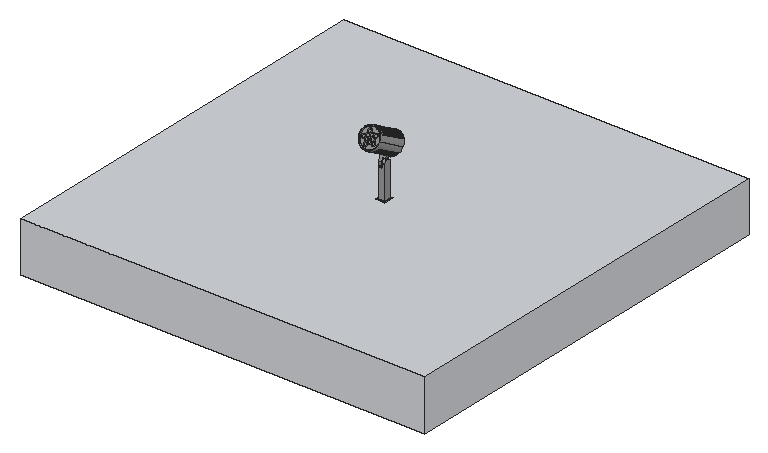
Revit family "LAMP_MINI SHOT BRACKET G2", category Modelos genéricos, Revit 2015
Parameters (values of type "1146LM 3000 SPOT GR")
  Weight = 2.792 kg
  Type = "HI POWER NICHIA"
  Tilting [instance] = 30.00°
  Protection rating = "IP65 / IK06"
  Product datasheet = "http://www.lamp.es/product-files/TECH/MN2BR15SP830NG-EN.pdf"
  Product code = "MN2BR15SP830NG"
  Product URL = "http://www.lamp.es/en/family/shot_33486"
  Power Supply = "220-240V 50/60Hz"
  Power = 10 W
  Plum = 13.2 W
  Photometric web file = Cabeza MiniShot : 1146LM 3000 SPOT
  Modelo = Product code  # "MN2BR15SP830NG"
  Model explanation = "Availability of tilting between -30º and 90º when placed in a project."
  Material cuerpo = LAMP_Aluminio Shot
  Material cabeza = LAMP_Aluminio Shot
  Manufacturer name = "LAMP"
  Manufacturer country = "Spain"
  Manufacturer URL = "http://www.lamp.es/en"
  MacAdam = "3"
  Luminaire type = "Outdoor - Spotlight"
  Last update = "11/04/2019"
  Lamp = "HIGH POWER LED"
  LED Lifetime = "60.000 L90 B10"
  Insulation class = "II"
  Installation instructions = "http://www.lamp.es/product-files/INS/1003120-C-INSTR.%20MICRO%20SHOT.pdf"
  Initial intensity = 1146 lm
  Initial color = 3000 K
  IEE = "A+"
  Height = 360 mm
  Gear = "Electronic"
  Finish = "Texturised grey"
  Fabricante = Manufacturer name  # "LAMP"
  Default Elevation = 1219.2 mm
  Efficacy = 86.8 lm/W
  Descripción = "MINI SHOT G2 BR 1500 WW SP GR."
  Comentarios de tipo = Model explanation  # "Availability of tilting between -30º and 90º when placed in a project."
  CRI = "80"
  Angulo inclinacion [instance] = if(Tilting > 90.00°, 270.00°, if(Tilting < -30.00°, 150.00°, Tilting + 180.00°))  # 210.00°
Types (24, lengths in mm): name | Weight | Product datasheet | Product code | Power | Plum | Photometric web file | Modelo | Material cuerpo | Material cabeza | Initial intensity | Initial color | Finish | Efficacy | Descripción
  1097LM 3000 MEDIUM FLOOD ANT | 2.792 kg | "http://www.lamp.es/product-files/TECH/MN2BR15MF830NA-EN.pdf" | "MN2BR15MF830NA" | 10 W | 13.2 W | Cabeza MiniShot : 1097LM 3000 MEDIUM FLOOD | "MN2BR15MF830NA" | LAMP_Aluminio Shot Antracita | LAMP_Aluminio Shot Antracita | 1097 lm | 3000 K | "Textured anthracite grey" | 83.1 lm/W | "MINI SHOT G2 BR 1500 WW MFL ANT."
  1097LM 3000 MEDIUM FLOOD GR | 2.792 kg | "http://www.lamp.es/product-files/TECH/MN2BR15MF830NG-EN.pdf" | "MN2BR15MF830NG" | 10 W | 13.2 W | Cabeza MiniShot : 1097LM 3000 MEDIUM FLOOD | "MN2BR15MF830NG" | LAMP_Aluminio Shot | LAMP_Aluminio Shot | 1097 lm | 3000 K | "Texturised grey" | 83.1 lm/W | "MINI SHOT G2 BR 1500 WW MFL GR."
  1097LM 4000 MEDIUM FLOOD ANT | 2.792 kg | "http://www.lamp.es/product-files/TECH/MN2BR15MF840NA-EN.pdf" | "MN2BR15MF840NA" | 10 W | 13.2 W | Cabeza MiniShot : 1097LM 4000 MEDIUM FLOOD | "MN2BR15MF840NA" | LAMP_Aluminio Shot Antracita | LAMP_Aluminio Shot Antracita | 1097 lm | 4000 K | "Textured anthracite grey" | 83.1 lm/W | "MINI SHOT G2 BR 1500 NW MFL ANT."
  1097LM 4000 MEDIUM FLOOD GR | 2.792 kg | "http://www.lamp.es/product-files/TECH/MN2BR15MF840NG-EN.pdf" | "MN2BR15MF840NG" | 10 W | 13.2 W | Cabeza MiniShot : 1097LM 4000 MEDIUM FLOOD | "MN2BR15MF840NG" | LAMP_Aluminio Shot | LAMP_Aluminio Shot | 1097 lm | 4000 K | "Texturised grey" | 83.1 lm/W | "MINI SHOT G2 BR 1500 NW MFL GR."
  1146LM 3000 SPOT ANT | 2.792 kg | "http://www.lamp.es/product-files/TECH/MN2BR15SP830NA-EN.pdf" | "MN2BR15SP830NA" | 10 W | 13.2 W | Cabeza MiniShot : 1146LM 3000 SPOT | "MN2BR15SP830NA" | LAMP_Aluminio Shot Antracita | LAMP_Aluminio Shot Antracita | 1146 lm | 3000 K | "Textured anthracite grey" | 86.8 lm/W | "MINI SHOT G2 BR 1500 WW SP ANT."
  1146LM 3000 SPOT GR | 2.792 kg | "http://www.lamp.es/product-files/TECH/MN2BR15SP830NG-EN.pdf" | "MN2BR15SP830NG" | 10 W | 13.2 W | Cabeza MiniShot : 1146LM 3000 SPOT | "MN2BR15SP830NG" | LAMP_Aluminio Shot | LAMP_Aluminio Shot | 1146 lm | 3000 K | "Texturised grey" | 86.8 lm/W | "MINI SHOT G2 BR 1500 WW SP GR."
  1146LM 4000 SPOT ANT | 2.792 kg | "http://www.lamp.es/product-files/TECH/MN2BR15SP840NA-EN.pdf" | "MN2BR15SP840NA" | 10 W | 13.2 W | Cabeza MiniShot : 1146LM 4000 SPOT | "MN2BR15SP840NA" | LAMP_Aluminio Shot Antracita | LAMP_Aluminio Shot Antracita | 1146 lm | 4000 K | "Textured anthracite grey" | 86.8 lm/W | "MINI SHOT G2 BR 1500 NW SP ANT."
  1146LM 4000 SPOT GR | 2.792 kg | "http://www.lamp.es/product-files/TECH/MN2BR15SP840NG-EN.pdf" | "MN2BR15SP840NG" | 10 W | 13.2 W | Cabeza MiniShot : 1146LM 4000 SPOT | "MN2BR15SP840NG" | LAMP_Aluminio Shot | LAMP_Aluminio Shot | 1146 lm | 4000 K | "Texturised grey" | 86.8 lm/W | "MINI SHOT G2 BR 1500 NW SP GR."
  2155LM 3000 MEDIUM FLOOD ANT | 2.816 kg | "http://www.lamp.es/product-files/TECH/MN2BR30MF830NA-EN.pdf" | "MN2BR30MF830NA" | 20 W | 23 W | Cabeza MiniShot : 2155LM 3000 MEDIUM FLOOD | "MN2BR30MF830NA" | LAMP_Aluminio Shot Antracita | LAMP_Aluminio Shot Antracita | 2155 lm | 3000 K | "Textured anthracite grey" | 93.7 lm/W | "MINI SHOT G2 BR 2900 WW MFL ANT."
  2155LM 3000 MEDIUM FLOOD GR | 2.816 kg | "http://www.lamp.es/product-files/TECH/MN2BR30MF830NG-EN.pdf" | "MN2BR30MF830NG" | 20 W | 23 W | Cabeza MiniShot : 2155LM 3000 MEDIUM FLOOD | "MN2BR30MF830NG" | LAMP_Aluminio Shot | LAMP_Aluminio Shot | 2155 lm | 3000 K | "Texturised grey" | 93.7 lm/W | "MINI SHOT G2 BR 2900 WW MFL GR."
  2155LM 4000 MEDIUM FLOOD ANT | 2.816 kg | "http://www.lamp.es/product-files/TECH/MN2BR30MF840NA-EN.pdf" | "MN2BR30MF840NA" | 20 W | 23 W | Cabeza MiniShot : 2155LM 4000 MEDIUM FLOOD | "MN2BR30MF840NA" | LAMP_Aluminio Shot Antracita | LAMP_Aluminio Shot Antracita | 2155 lm | 4000 K | "Textured anthracite grey" | 93.7 lm/W | "MINI SHOT G2 BR 2900 NW MFL ANT."
  2155LM 4000 MEDIUM FLOOD GR | 2.816 kg | "http://www.lamp.es/product-files/TECH/MN2BR30MF840NG-EN.pdf" | "MN2BR30MF840NG" | 20 W | 23 W | Cabeza MiniShot : 2155LM 4000 MEDIUM FLOOD | "MN2BR30MF840NG" | LAMP_Aluminio Shot | LAMP_Aluminio Shot | 2155 lm | 4000 K | "Texturised grey" | 93.7 lm/W | "MINI SHOT G2 BR 2900 NW MFL GR."
  2215LM 3000 SPOT ANT | 2.816 kg | "http://www.lamp.es/product-files/TECH/MN2BR30SP830NA-EN.pdf" | "MN2BR30SP830NA" | 20 W | 23 W | Cabeza MiniShot : 2215LM 3000 SPOT | "MN2BR30SP830NA" | LAMP_Aluminio Shot Antracita | LAMP_Aluminio Shot Antracita | 2215 lm | 3000 K | "Textured anthracite grey" | 96.3 lm/W | "MINI SHOT G2 BR 2900 WW SP ANT."
  2215LM 3000 SPOT GR | 2.816 kg | "http://www.lamp.es/product-files/TECH/MN2BR30SP830NG-EN.pdf" | "MN2BR30SP830NG" | 20 W | 23 W | Cabeza MiniShot : 2215LM 3000 SPOT | "MN2BR30SP830NG" | LAMP_Aluminio Shot | LAMP_Aluminio Shot | 2215 lm | 3000 K | "Texturised grey" | 96.3 lm/W | "MINI SHOT G2 BR 2900 WW SP GR."
  2215LM 4000 SPOT ANT | 2.816 kg | "http://www.lamp.es/product-files/TECH/MN2BR30SP840NA-EN.pdf" | "MN2BR30SP840NA" | 20 W | 23 W | Cabeza MiniShot : 2215LM 4000 SPOT | "MN2BR30SP840NA" | LAMP_Aluminio Shot Antracita | LAMP_Aluminio Shot Antracita | 2215 lm | 4000 K | "Textured anthracite grey" | 96.3 lm/W | "MINI SHOT G2 BR 2900 NW SP ANT."
  2215LM 4000 SPOT GR | 2.816 kg | "http://www.lamp.es/product-files/TECH/MN2BR30SP840NG-EN.pdf" | "MN2BR30SP840NG" | 20 W | 23 W | Cabeza MiniShot : 2215LM 4000 SPOT | "MN2BR30SP840NG" | LAMP_Aluminio Shot | LAMP_Aluminio Shot | 2215 lm | 4000 K | "Texturised grey" | 96.3 lm/W | "MINI SHOT G2 BR 2900 NW SP GR."
  2937LM 3000 MEDIUM FLOOD ANT | 2.816 kg | "http://www.lamp.es/product-files/TECH/MN2BR40MF830NA-EN.pdf" | "MN2BR40MF830NA" | 30 W | 33.5 W | Cabeza MiniShot : 2937LM 3000 MEDIUM FLOOD | "MN2BR40MF830NA" | LAMP_Aluminio Shot Antracita | LAMP_Aluminio Shot Antracita | 2937 lm | 3000 K | "Textured anthracite grey" | 87.7 lm/W | "MINI SHOT G2 BR 3800 WW MFL ANT."
  2937LM 3000 MEDIUM FLOOD GR | 2.816 kg | "http://www.lamp.es/product-files/TECH/MN2BR40MF830NG-EN.pdf" | "MN2BR40MF830NG" | 30 W | 33.5 W | Cabeza MiniShot : 2937LM 3000 MEDIUM FLOOD | "MN2BR40MF830NG" | LAMP_Aluminio Shot | LAMP_Aluminio Shot | 2937 lm | 3000 K | "Texturised grey" | 87.7 lm/W | "MINI SHOT G2 BR 3800 WW MFL GR."
  2937LM 4000 MEDIUM FLOOD ANT | 2.816 kg | "http://www.lamp.es/product-files/TECH/MN2BR40MF840NA-EN.pdf" | "MN2BR40MF840NA" | 30 W | 33.5 W | Cabeza MiniShot : 2937LM 4000 MEDIUM FLOOD | "MN2BR40MF840NA" | LAMP_Aluminio Shot Antracita | LAMP_Aluminio Shot Antracita | 2937 lm | 4000 K | "Textured anthracite grey" | 87.7 lm/W | "MINI SHOT G2 BR 3800 NW MFL ANT."
  2937LM 4000 MEDIUM FLOOD GR | 2.816 kg | "http://www.lamp.es/product-files/TECH/MN2BR40MF840NG-EN.pdf" | "MN2BR40MF840NG" | 30 W | 33.5 W | Cabeza MiniShot : 2937LM 4000 MEDIUM FLOOD | "MN2BR40MF840NG" | LAMP_Aluminio Shot | LAMP_Aluminio Shot | 2937 lm | 4000 K | "Texturised grey" | 87.7 lm/W | "MINI SHOT G2 BR 3800 NW MFL GR."
  3032LM 3000 SPOT ANT | 2.816 kg | "http://www.lamp.es/product-files/TECH/MN2BR40SP830NA-EN.pdf" | "MN2BR40SP830NA" | 30 W | 33.5 W | Cabeza MiniShot : 3032LM 3000 SPOT | "MN2BR40SP830NA" | LAMP_Aluminio Shot Antracita | LAMP_Aluminio Shot Antracita | 3032 lm | 3000 K | "Textured anthracite grey" | 90.5 lm/W | "MINI SHOT G2 BR 3800 WW SP ANT."
  3032LM 3000 SPOT GR | 2.816 kg | "http://www.lamp.es/product-files/TECH/MN2BR40SP830NG-EN.pdf" | "MN2BR40SP830NG" | 30 W | 33.5 W | Cabeza MiniShot : 3032LM 3000 SPOT | "MN2BR40SP830NG" | LAMP_Aluminio Shot | LAMP_Aluminio Shot | 3032 lm | 3000 K | "Texturised grey" | 90.5 lm/W | "MINI SHOT G2 BR 3800 WW SP GR."
  3032LM 4000 SPOT ANT | 2.816 kg | "http://www.lamp.es/product-files/TECH/MN2BR40SP840NA-EN.pdf" | "MN2BR40SP840NA" | 30 W | 33.5 W | Cabeza MiniShot : 3032LM 4000 SPOT | "MN2BR40SP840NA" | LAMP_Aluminio Shot Antracita | LAMP_Aluminio Shot Antracita | 3032 lm | 4000 K | "Textured anthracite grey" | 90.5 lm/W | "MINI SHOT G2 BR 3800 NW SP ANT."
  3032LM 4000 SPOT GR | 2.816 kg | "http://www.lamp.es/product-files/TECH/MN2BR40SP840NG-EN.pdf" | "MN2BR40SP840NG" | 30 W | 33.5 W | Cabeza MiniShot : 3032LM 4000 SPOT | "MN2BR40SP840NG" | LAMP_Aluminio Shot | LAMP_Aluminio Shot | 3032 lm | 4000 K | "Texturised grey" | 90.5 lm/W | "MINI SHOT G2 BR 3800 NW SP GR."
Reference planes
  plane 1 "Centro (Frontal/Posterior)": y = 0
  plane 2: z = 0
  plane 3 "Centro (Izquierda/Derecha)": x = 0
  plane 4: z = 196.942
Forms (mm)
  Extrusion 1, solid
    sketch origin (0, 0, 0) x (1, 0, 0) y (0, 1, 0)
      loop
        line (-1219.2, 1219.2) -> (-1219.2, -1219.2) -> (1219.2, -1219.2) -> (1219.2, 1219.2) -> (-1219.2, 1219.2)
    from 0 to -304.8
  Extrusion 2, solid, material "LAMP_Aluminio Shot" <- "Material cuerpo"
    sketch origin (0, 0, 72.292) x (0, 1, 0) y (0, 0, 1)
      loop
        line (19.7, -69.292) -> (19.7, 124.7)
        arc (19.7, 124.7) -> (0, 144.4) -> (-19.7, 124.7) r 19.7
        line (-19.7, 124.7) -> (-19.7, -69.292) -> (19.7, -69.292)
    from -20 to 20
  Extrusion 3, void
    sketch origin (0, 0, 72.292) x (0, 1, 0) y (0, 0, 1)
      loop
        circle (0, 124.65) r 17
      loop
        circle (0, 124.65) r 6
      loop
        circle (0, 124.65) r 2.75
    from 3.917 to 16.658
  Extrusion 4, void
    sketch origin (0, 0, 72.292) x (0, 1, 0) y (0, 0, 1)
      loop
        line (19.7, 110.2) -> (19.7, 149.384) -> (-19.7, 149.384) -> (-19.7, 99.532) -> (2.12, 102.019)
        arc (2.12, 102.019) -> (10.771, 104.559) -> (17.707, 110.319) r 22.281
        arc (17.707, 110.319) -> (18.76, 111.198) -> (19.7, 110.2) r 1
      loop
        circle (0, 124.65) r 6
      loop
        circle (0, 124.65) r 2.75
    from -20 to 3.917
  Extrusion 5, solid, material "LAMP_Aluminio Shot" <- "Material cuerpo"
    sketch origin (0, 0, 0) x (1, 0, 0) y (0, 0, 1)
      loop
        line (0, 0) -> (28, 0) -> (28, 3) -> (0, 3) -> (-28, 3) -> (-28, 0) -> (0, 0)
    from -28 to 28
Cuts and joins
  Extrusion 3, Extrusion 4 cuts Extrusion 2
Lines and regions (mm)
  reference lines
    curve 1: line (0, 0, 196.942) -> (0, 87.5, 348.496)
Text (mm)
  text "Any modification of the parameters and properties of the LAMP BIM models must be executed and validated by the LAMP technical department.\n\nPhone: +34 93 736 68 00\n\nE-mail: lamp@lamp.es\n\n\n\nLAMP reserves the right to modify the technical specifications of its products." at (12865.574, 20906.654, -10056.835), in view "Preview"
Dimensions and locks
  "Angulo inclinacion": angle plane 1 "Centro (Frontal/Posterior)" to curve 1
  aligned and locked: plane 2 to Extrusion 1
  aligned and locked: level to Extrusion 1
  aligned and locked: plane 1 "Centro (Frontal/Posterior)" to curve 1
  aligned and locked: plane 4 to curve 1
Automatic sketch dimensions
  Extrusion 1 sketch curve to Extrusion 1 sketch curve = 2438.4 mm  (x2)
  Extrusion 2 sketch curve to plane 1 "Centro (Frontal/Posterior)" = 0 mm
  plane 4 to Extrusion 2 sketch curve = 0.05 mm
  plane 1 "Centro (Frontal/Posterior)" to Extrusion 2 sketch curve = 19.7 mm
  level to Extrusion 2 sketch curve = 3 mm
  Extrusion 3 sketch curve to Extrusion 3 sketch curve = 0 mm  (x6)
  Extrusion 3 sketch curve to plane 1 "Centro (Frontal/Posterior)" = 0 mm
  Extrusion 3 sketch curve to plane 4 = 0 mm
  Extrusion 4 sketch curve to Extrusion 4 sketch curve = 0 mm  (x12)
  Extrusion 4 sketch curve to plane 4 = 0 mm
  Extrusion 4 sketch curve to plane 1 "Centro (Frontal/Posterior)" = 0 mm
  plane 1 "Centro (Frontal/Posterior)" to Extrusion 4 sketch curve = 19.7 mm
  Extrusion 4 sketch curve to plane 1 "Centro (Frontal/Posterior)" = 0.298 mm
  Extrusion 4 sketch curve to plane 1 "Centro (Frontal/Posterior)" = 2.12 mm
  Extrusion 4 sketch curve to Extrusion 4 sketch curve = 16.58 mm
  Extrusion 4 sketch curve to Extrusion 4 sketch curve = 1 mm
  Extrusion 4 sketch curve to plane 4 = 0.425 mm
  Extrusion 4 sketch curve to plane 4 = 14.45 mm
  Extrusion 4 sketch curve to Extrusion 4 sketch curve = 8.181 mm
  Extrusion 4 sketch curve to Extrusion 4 sketch curve = 2.486 mm
  plane 4 to Extrusion 4 sketch curve = 24.734 mm
  plane 1 "Centro (Frontal/Posterior)" to Extrusion 4 sketch curve = 2.75 mm
  Extrusion 4 sketch curve to Extrusion 4 sketch curve = 3.25 mm
  Extrusion 5 sketch curve to level = 0 mm
  Extrusion 5 sketch curve to plane 3 "Centro (Izquierda/Derecha)" = 0 mm  (x2)
  Extrusion 5 sketch curve to Extrusion 5 sketch curve = 28 mm
  plane 3 "Centro (Izquierda/Derecha)" to Extrusion 5 sketch curve = 28 mm
  Extrusion 5 sketch curve to Extrusion 5 sketch curve = 3 mm
  radius of Extrusion 3 sketch curve = 17 mm
  radius of Extrusion 3 sketch curve = 6 mm
  radius of Extrusion 3 sketch curve = 2.75 mm
Nested families
  nested 1: "Cabeza MiniShot" at (-2.6, -1336.187, 1083.398) x (-1, 0, 0) z (0, 0.866, -0.5), type <- "Photometric web file", type "1146LM 3000 SPOT"
Connectors
  electrical at (-2.6, 63.83, 275.098)
    settings: on nested 1, index 1, voltage 230 V, apparent load 0 VA, apparent load phase1 0 VA, apparent load phase2 0 VA, apparent load phase3 0 VA, power factor 1, load classification "Otro", number of poles 1, system type 31, power factor state 1, is connector primary yes, connector utility no, sub classification motor no, connector description ""
Definition of nested family "Cabeza MiniShot"
  Parameters (values of type "1097LM 3000 MEDIUM FLOOD")
    Tilt Angle = 90.00°
    Wattage = 13.2 W
    built-in parameter 1150110 = 1 (stored number, unit not read)
    Material serigrafiado = none
    Material cristal = none
    Material cabeza = none
    built-in parameter 1114217 = 1 (stored number, unit not read)
    built-in parameter 1150109 = 1 (stored number, unit not read)
    Default Elevation = 1219.2 mm
    Dist. luz = 20 mm
    built-in parameter 1150134 = (empty or 0)
    built-in parameter 1150113 = 1 (stored number, unit not read)
    Lumens = 1096.92 lm
    built-in parameter 1150115 = 1 (stored number, unit not read)
    built-in parameter 1150105 = 87.29 (stored number, unit not read)
    built-in parameter 1150137 = (empty or 0)
    built-in parameter 1150139 = (empty or 0)
    built-in parameter 1150112 = 1 (stored number, unit not read)
    built-in parameter 1150114 = 1 (stored number, unit not read)
    built-in parameter 1150132 = 2
    built-in parameter 1150102 = (empty or 0)
    built-in parameter 1150138 = (empty or 0)
    built-in parameter 1150107 = 3000 (stored number, unit not read)
    built-in parameter 1150106 = 0.8729 (stored number, unit not read)
    built-in parameter 1150104 = 7.7202 (stored number, unit not read)
    Dimming Lamp Color Temperature Shift = (empty or 0)
    Color Filter = 16777215
    built-in parameter 1114218 = 1 (stored number, unit not read)
    Photometric Web File = "MN215MF830NA.IES"
    built-in parameter 1150133 = 10 (stored number, unit not read)
  Types (13, lengths in mm): name | Wattage | built-in parameter 1150134 | Lumens | built-in parameter 1150105 | built-in parameter 1150107 | built-in parameter 1150106 | built-in parameter 1150104 | Photometric Web File
    (no name) | 13.2 W | (empty or 0) | 1096.92 lm | 87.29 (stored number, unit not read) | 3000 (stored number, unit not read) | 0.8729 (stored number, unit not read) | 7.7202 (stored number, unit not read) | "MN215MF830NA.IES"
    1097LM 3000 MEDIUM FLOOD | 13.2 W | (empty or 0) | 1096.92 lm | 87.29 (stored number, unit not read) | 3000 (stored number, unit not read) | 0.8729 (stored number, unit not read) | 7.7202 (stored number, unit not read) | "MN215MF830NA.IES"
    1097LM 4000 MEDIUM FLOOD | 13.2 W | 12 | 1096.92 lm | 87.29 (stored number, unit not read) | 4000 (stored number, unit not read) | 0.8729 (stored number, unit not read) | 7.7202 (stored number, unit not read) | "MN215MF840NA.IES"
    1146LM 3000 SPOT | 13.2 W | (empty or 0) | 1145.76 lm | 5756.4 (stored number, unit not read) | 3000 (stored number, unit not read) | 57.564 (stored number, unit not read) | 8.064 (stored number, unit not read) | "MN215SP830NA.IES"
    1146LM 4000 SPOT | 13.2 W | 12 | 1145.76 lm | 5756.4 (stored number, unit not read) | 4000 (stored number, unit not read) | 57.564 (stored number, unit not read) | 8.064 (stored number, unit not read) | "MN215SP840NA.IES"
    2155LM 3000 MEDIUM FLOOD | 23 W | (empty or 0) | 2155.1 lm | 32086.6 (stored number, unit not read) | 3000 (stored number, unit not read) | 320.87 (stored number, unit not read) | 8.705 (stored number, unit not read) | "MN230MF830NA.IES"
    2155LM 4000 MEDIUM FLOOD | 23 W | 12 | 2155.1 lm | 32086.6 (stored number, unit not read) | 4000 (stored number, unit not read) | 320.87 (stored number, unit not read) | 8.705 (stored number, unit not read) | "MN230MF840NA.IES"
    2215LM 3000 SPOT | 23 W | (empty or 0) | 2214.9 lm | 34023.2 (stored number, unit not read) | 3000 (stored number, unit not read) | 340.23 (stored number, unit not read) | 8.9466 (stored number, unit not read) | "MN230SP830NA.IES"
    2215LM 4000 SPOT | 23 W | 12 | 2214.9 lm | 34023.2 (stored number, unit not read) | 4000 (stored number, unit not read) | 340.23 (stored number, unit not read) | 8.9466 (stored number, unit not read) | "MN230SP840NA.IES"
    2937LM 3000 MEDIUM FLOOD | 33.5 W | (empty or 0) | 2937.95 lm | 14727.3 (stored number, unit not read) | 3000 (stored number, unit not read) | 147.27 (stored number, unit not read) | 8.1476 (stored number, unit not read) | "MN240MF830NA.IES"
    2937LM 4000 MEDIUM FLOOD | 33.5 W | 12 | 2937.95 lm | 14727.3 (stored number, unit not read) | 4000 (stored number, unit not read) | 147.27 (stored number, unit not read) | 8.1476 (stored number, unit not read) | "MN240MF840NA.IES"
    3032LM 3000 SPOT | 33.5 W | (empty or 0) | 3031.75 lm | 15197.5 (stored number, unit not read) | 3000 (stored number, unit not read) | 151.98 (stored number, unit not read) | 8.4077 (stored number, unit not read) | "MN240SP830NA.IES"
    3032LM 4000 SPOT | 33.5 W | 12 | 3031.75 lm | 15197.5 (stored number, unit not read) | 4000 (stored number, unit not read) | 151.98 (stored number, unit not read) | 8.4077 (stored number, unit not read) | "MN240SP840NA.IES"
  Reference planes
    plane 1 "Eje de origen de luz (F/P)": y = 0
    plane 2: z = 0
    plane 3 "Eje de origen de luz (I/D)": x = 0
    plane 4 "Elevación de origen de luz": z = 1400
    plane 5: z = 1420
  Forms (mm)
    Revolve 1, solid, material <- "Material cabeza"
      sketch origin (0, 0, 0) x (1, 0, 0) y (0, 0, 1)
        loop
          line (63.5, 1420) -> (63.5, 1620) -> (0, 1620) -> (0, 1429) -> (58.5, 1429) -> (58.5, 1420) -> (63.5, 1420)
        axis (0, 1620) -> (0, 1420)
      angle from 0 to 360
    Extrusion 2, void
      sketch origin (0, 0, 1400) x (0, -1, 0) y (1, 0, 0)
        loop
          arc (34.823, -53.1) -> (37.913, -50.94) -> (40.869, -48.6) r 63.5
          line (40.869, -48.6) -> (-40.869, -48.6)
          arc (-40.869, -48.6) -> (-37.913, -50.94) -> (-34.823, -53.1) r 63.5
          line (-34.823, -53.1) -> (34.823, -53.1)
        loop
          arc (43.775, -46) -> (45.974, -43.802) -> (48.062, -41.5) r 63.5
          line (48.062, -41.5) -> (-48.062, -41.5)
          arc (-48.062, -41.5) -> (-45.974, -43.802) -> (-43.775, -46) r 63.5
          line (-43.775, -46) -> (43.775, -46)
        loop
          arc (50.19, -38.9) -> (51.831, -36.685) -> (53.375, -34.4) r 63.5
          line (53.375, -34.4) -> (-53.375, -34.4)
          arc (-53.375, -34.4) -> (-51.831, -36.685) -> (-50.19, -38.9) r 63.5
          line (-50.19, -38.9) -> (50.19, -38.9)
        loop
          arc (54.964, -31.8) -> (56.219, -29.525) -> (57.38, -27.2) r 63.5
          line (57.38, -27.2) -> (-57.38, -27.2)
          arc (-57.38, -27.2) -> (-56.219, -29.525) -> (-54.964, -31.8) r 63.5
          line (-54.964, -31.8) -> (54.964, -31.8)
        loop
          line (60.268, -20) -> (-60.268, -20)
          arc (-60.268, -20) -> (-59.449, -22.317) -> (-58.541, -24.6) r 63.5
          line (-58.541, -24.6) -> (58.541, -24.6)
          arc (58.541, -24.6) -> (59.449, -22.317) -> (60.268, -20) r 63.5
        loop
          line (8.35, -17.4) -> (61.07, -17.4)
          arc (61.07, -17.4) -> (61.676, -15.111) -> (62.197, -12.8) r 63.5
          line (62.197, -12.8) -> (14.445, -12.8)
          arc (14.445, -12.8) -> (11.627, -15.404) -> (8.35, -17.4) r 19.3
        loop
          arc (18.47, -5.6) -> (17.578, -7.969) -> (16.384, -10.2) r 19.3
          line (16.384, -10.2) -> (62.675, -10.2)
          arc (62.675, -10.2) -> (63.006, -7.905) -> (63.253, -5.6) r 63.5
          line (63.253, -5.6) -> (18.47, -5.6)
        loop
          line (19.162, -2.3) -> (63.458, -2.3)
          arc (63.458, -2.3) -> (63.5, 0) -> (63.458, 2.3) r 63.5
          line (63.458, 2.3) -> (19.162, 2.3)
          arc (19.162, 2.3) -> (19.3, 0) -> (19.162, -2.3) r 19.3
        loop
          line (34.823, 53.1) -> (-34.823, 53.1)
          arc (-34.823, 53.1) -> (-37.913, 50.94) -> (-40.869, 48.6) r 63.5
          line (-40.869, 48.6) -> (40.869, 48.6)
          arc (40.869, 48.6) -> (37.913, 50.94) -> (34.823, 53.1) r 63.5
        loop
          line (43.775, 46) -> (-43.775, 46)
          arc (-43.775, 46) -> (-45.974, 43.802) -> (-48.062, 41.5) r 63.5
          line (-48.062, 41.5) -> (48.062, 41.5)
          arc (48.062, 41.5) -> (45.974, 43.802) -> (43.775, 46) r 63.5
        loop
          line (50.19, 38.9) -> (-50.19, 38.9)
          arc (-50.19, 38.9) -> (-51.831, 36.685) -> (-53.375, 34.4) r 63.5
          line (-53.375, 34.4) -> (53.375, 34.4)
          arc (53.375, 34.4) -> (51.831, 36.685) -> (50.19, 38.9) r 63.5
        loop
          line (54.964, 31.8) -> (-54.964, 31.8)
          arc (-54.964, 31.8) -> (-56.219, 29.525) -> (-57.38, 27.2) r 63.5
          line (-57.38, 27.2) -> (57.38, 27.2)
          arc (57.38, 27.2) -> (56.219, 29.525) -> (54.964, 31.8) r 63.5
        loop
          arc (60.268, 20) -> (59.449, 22.317) -> (58.541, 24.6) r 63.5
          line (58.541, 24.6) -> (-58.541, 24.6)
          arc (-58.541, 24.6) -> (-59.449, 22.317) -> (-60.268, 20) r 63.5
          line (-60.268, 20) -> (60.268, 20)
        loop
          arc (8.35, 17.4) -> (11.627, 15.404) -> (14.445, 12.8) r 19.3
          line (14.445, 12.8) -> (62.197, 12.8)
          arc (62.197, 12.8) -> (61.676, 15.111) -> (61.07, 17.4) r 63.5
          line (61.07, 17.4) -> (8.35, 17.4)
        loop
          line (18.47, 5.6) -> (63.253, 5.6)
          arc (63.253, 5.6) -> (63.006, 7.905) -> (62.675, 10.2) r 63.5
          line (62.675, 10.2) -> (16.384, 10.2)
          arc (16.384, 10.2) -> (17.578, 7.969) -> (18.47, 5.6) r 19.3
        loop
          arc (-8.35, -17.4) -> (-19.3, 0) -> (-8.35, 17.4) r 19.3
          line (-8.35, 17.4) -> (-61.07, 17.4)
          arc (-61.07, 17.4) -> (-61.676, 15.111) -> (-62.197, 12.8) r 63.5
          arc (-62.197, 12.8) -> (-63.456, -2.368) -> (-61.07, -17.4) r 63.5
          line (-61.07, -17.4) -> (-8.35, -17.4)
        loop
          circle (0, 0) r 5.25
      from 216.6 to 220
    Extrusion 3, void
      sketch origin (0, 0, 1400) x (0, -1, 0) y (1, 0, 0)
        loop
          line (-34.823, -53.1) -> (-26.823, -53.1)
          arc (-26.823, -53.1) -> (-30.649, -50.988) -> (-34.309, -48.6) r 59.49
          line (-34.309, -48.6) -> (-40.869, -48.6)
          arc (-40.869, -48.6) -> (-37.913, -50.94) -> (-34.823, -53.1) r 63.5
        loop
          line (-43.775, -46) -> (-37.724, -46)
          arc (-37.724, -46) -> (-40.237, -43.819) -> (-42.624, -41.5) r 59.49
          line (-42.624, -41.5) -> (-48.062, -41.5)
          arc (-48.062, -41.5) -> (-45.974, -43.802) -> (-43.775, -46) r 63.5
        loop
          line (-50.19, -38.9) -> (-45.01, -38.9)
          arc (-45.01, -38.9) -> (-46.827, -36.692) -> (-48.536, -34.4) r 59.49
          line (-48.536, -34.4) -> (-53.375, -34.4)
          arc (-53.375, -34.4) -> (-51.831, -36.685) -> (-50.19, -38.9) r 63.5
        loop
          line (-54.964, -31.8) -> (-50.278, -31.8)
          arc (-50.278, -31.8) -> (-51.644, -29.529) -> (-52.908, -27.2) r 59.49
          line (-52.908, -27.2) -> (-57.38, -27.2)
          arc (-57.38, -27.2) -> (-56.219, -29.525) -> (-54.964, -31.8) r 63.5
        loop
          line (-58.541, -24.6) -> (-54.166, -24.6)
          arc (-54.166, -24.6) -> (-55.145, -22.319) -> (-56.028, -20) r 59.49
          line (-56.028, -20) -> (-60.268, -20)
          arc (-60.268, -20) -> (-59.449, -22.317) -> (-58.541, -24.6) r 63.5
        loop
          arc (-34.823, 53.1) -> (-37.913, 50.94) -> (-40.869, 48.6) r 63.5
          line (-40.869, 48.6) -> (-34.309, 48.6)
          arc (-34.309, 48.6) -> (-30.649, 50.988) -> (-26.823, 53.1) r 59.49
          line (-26.823, 53.1) -> (-34.823, 53.1)
        loop
          arc (-43.775, 46) -> (-45.974, 43.802) -> (-48.062, 41.5) r 63.5
          line (-48.062, 41.5) -> (-42.624, 41.5)
          arc (-42.624, 41.5) -> (-40.237, 43.819) -> (-37.724, 46) r 59.49
          line (-37.724, 46) -> (-43.775, 46)
        loop
          arc (-50.19, 38.9) -> (-51.831, 36.685) -> (-53.375, 34.4) r 63.5
          line (-53.375, 34.4) -> (-48.536, 34.4)
          arc (-48.536, 34.4) -> (-46.827, 36.692) -> (-45.01, 38.9) r 59.49
          line (-45.01, 38.9) -> (-50.19, 38.9)
        loop
          arc (-54.964, 31.8) -> (-56.219, 29.525) -> (-57.38, 27.2) r 63.5
          line (-57.38, 27.2) -> (-52.908, 27.2)
          arc (-52.908, 27.2) -> (-51.644, 29.529) -> (-50.278, 31.8) r 59.49
          line (-50.278, 31.8) -> (-54.964, 31.8)
        loop
          arc (-58.541, 24.6) -> (-59.449, 22.317) -> (-60.268, 20) r 63.5
          line (-60.268, 20) -> (-56.028, 20)
          arc (-56.028, 20) -> (-55.145, 22.319) -> (-54.166, 24.6) r 59.49
          line (-54.166, 24.6) -> (-58.541, 24.6)
        loop
          arc (34.823, -53.1) -> (37.913, -50.94) -> (40.869, -48.6) r 63.5
          line (40.869, -48.6) -> (34.309, -48.6)
          arc (34.309, -48.6) -> (30.649, -50.988) -> (26.823, -53.1) r 59.49
          line (26.823, -53.1) -> (34.823, -53.1)
        loop
          arc (43.775, -46) -> (45.974, -43.802) -> (48.062, -41.5) r 63.5
          line (48.062, -41.5) -> (42.624, -41.5)
          arc (42.624, -41.5) -> (40.237, -43.819) -> (37.724, -46) r 59.49
          line (37.724, -46) -> (43.775, -46)
        loop
          arc (50.19, -38.9) -> (51.831, -36.685) -> (53.375, -34.4) r 63.5
          line (53.375, -34.4) -> (48.536, -34.4)
          arc (48.536, -34.4) -> (46.827, -36.692) -> (45.01, -38.9) r 59.49
          line (45.01, -38.9) -> (50.19, -38.9)
        loop
          arc (54.964, -31.8) -> (56.219, -29.525) -> (57.38, -27.2) r 63.5
          line (57.38, -27.2) -> (52.908, -27.2)
          arc (52.908, -27.2) -> (51.644, -29.529) -> (50.278, -31.8) r 59.49
          line (50.278, -31.8) -> (54.964, -31.8)
        loop
          arc (58.541, -24.6) -> (59.449, -22.317) -> (60.268, -20) r 63.5
          line (60.268, -20) -> (56.028, -20)
          arc (56.028, -20) -> (55.145, -22.319) -> (54.166, -24.6) r 59.49
          line (54.166, -24.6) -> (58.541, -24.6)
        loop
          line (34.823, 53.1) -> (26.823, 53.1)
          arc (26.823, 53.1) -> (30.649, 50.988) -> (34.309, 48.6) r 59.49
          line (34.309, 48.6) -> (40.869, 48.6)
          arc (40.869, 48.6) -> (37.913, 50.94) -> (34.823, 53.1) r 63.5
        loop
          line (43.775, 46) -> (37.724, 46)
          arc (37.724, 46) -> (40.237, 43.819) -> (42.624, 41.5) r 59.49
          line (42.624, 41.5) -> (48.062, 41.5)
          arc (48.062, 41.5) -> (45.974, 43.802) -> (43.775, 46) r 63.5
        loop
          line (50.19, 38.9) -> (45.01, 38.9)
          arc (45.01, 38.9) -> (46.827, 36.692) -> (48.536, 34.4) r 59.49
          line (48.536, 34.4) -> (53.375, 34.4)
          arc (53.375, 34.4) -> (51.831, 36.685) -> (50.19, 38.9) r 63.5
        loop
          line (54.964, 31.8) -> (50.278, 31.8)
          arc (50.278, 31.8) -> (51.644, 29.529) -> (52.908, 27.2) r 59.49
          line (52.908, 27.2) -> (57.38, 27.2)
          arc (57.38, 27.2) -> (56.219, 29.525) -> (54.964, 31.8) r 63.5
        loop
          line (58.541, 24.6) -> (54.166, 24.6)
          arc (54.166, 24.6) -> (55.145, 22.319) -> (56.028, 20) r 59.49
          line (56.028, 20) -> (60.268, 20)
          arc (60.268, 20) -> (59.449, 22.317) -> (58.541, 24.6) r 63.5
        loop
          arc (61.07, -17.4) -> (61.676, -15.111) -> (62.197, -12.8) r 63.5
          line (62.197, -12.8) -> (58.097, -12.8)
          arc (58.097, -12.8) -> (57.539, -15.112) -> (56.889, -17.4) r 59.49
          line (56.889, -17.4) -> (61.07, -17.4)
        loop
          arc (62.675, -10.2) -> (63.006, -7.905) -> (63.253, -5.6) r 63.5
          line (63.253, -5.6) -> (59.226, -5.6)
          arc (59.226, -5.6) -> (58.963, -7.906) -> (58.609, -10.2) r 59.49
          line (58.609, -10.2) -> (62.675, -10.2)
        loop
          arc (63.458, -2.3) -> (63.5, 0) -> (63.458, 2.3) r 63.5
          line (63.458, 2.3) -> (59.446, 2.3)
          arc (59.446, 2.3) -> (59.49, 0) -> (59.446, -2.3) r 59.49
          line (59.446, -2.3) -> (63.458, -2.3)
        loop
          arc (63.253, 5.6) -> (63.006, 7.905) -> (62.675, 10.2) r 63.5
          line (62.675, 10.2) -> (58.609, 10.2)
          arc (58.609, 10.2) -> (58.963, 7.906) -> (59.226, 5.6) r 59.49
          line (59.226, 5.6) -> (63.253, 5.6)
        loop
          arc (62.197, 12.8) -> (61.676, 15.111) -> (61.07, 17.4) r 63.5
          line (61.07, 17.4) -> (56.889, 17.4)
          arc (56.889, 17.4) -> (57.539, 15.112) -> (58.097, 12.8) r 59.49
          line (58.097, 12.8) -> (62.197, 12.8)
        loop
          line (-61.07, -17.4) -> (-56.889, -17.4)
          arc (-56.889, -17.4) -> (-57.539, -15.112) -> (-58.097, -12.8) r 59.49
          line (-58.097, -12.8) -> (-62.197, -12.8)
          arc (-62.197, -12.8) -> (-61.676, -15.111) -> (-61.07, -17.4) r 63.5
        loop
          line (-62.675, -10.2) -> (-58.609, -10.2)
          arc (-58.609, -10.2) -> (-58.963, -7.906) -> (-59.226, -5.6) r 59.49
          line (-59.226, -5.6) -> (-63.253, -5.6)
          arc (-63.253, -5.6) -> (-63.006, -7.905) -> (-62.675, -10.2) r 63.5
        loop
          line (-63.458, -2.3) -> (-59.446, -2.3)
          arc (-59.446, -2.3) -> (-59.49, 0) -> (-59.446, 2.3) r 59.49
          line (-59.446, 2.3) -> (-63.458, 2.3)
          arc (-63.458, 2.3) -> (-63.5, 0) -> (-63.458, -2.3) r 63.5
        loop
          line (-63.253, 5.6) -> (-59.226, 5.6)
          arc (-59.226, 5.6) -> (-58.963, 7.906) -> (-58.609, 10.2) r 59.49
          line (-58.609, 10.2) -> (-62.675, 10.2)
          arc (-62.675, 10.2) -> (-63.006, 7.905) -> (-63.253, 5.6) r 63.5
        loop
          line (-62.197, 12.8) -> (-58.097, 12.8)
          arc (-58.097, 12.8) -> (-57.539, 15.112) -> (-56.889, 17.4) r 59.49
          line (-56.889, 17.4) -> (-61.07, 17.4)
          arc (-61.07, 17.4) -> (-61.676, 15.111) -> (-62.197, 12.8) r 63.5
      from 29 to 220
    Extrusion 4, void
      sketch origin (0, 0, 1400) x (0, -1, 0) y (1, 0, 0)
        loop
          arc (19.304, 53.1) -> (56.5, 0) -> (19.304, -53.1) r 56.5
          line (19.304, -53.1) -> (34.823, -53.1)
          arc (34.823, -53.1) -> (63.5, 0) -> (34.823, 53.1) r 63.5
          line (34.823, 53.1) -> (19.304, 53.1)
        loop
          line (-19.304, 53.1) -> (-34.823, 53.1)
          arc (-34.823, 53.1) -> (-63.5, 0) -> (-34.823, -53.1) r 63.5
          line (-34.823, -53.1) -> (-19.304, -53.1)
          arc (-19.304, -53.1) -> (-56.5, 0) -> (-19.304, 53.1) r 56.5
      from 40.091 to 52.575
    Extrusion 5, solid, material <- "Material serigrafiado"
      sketch origin (0, 0, 1400) x (0, -1, 0) y (1, 0, 0)
        loop
          circle (33.806, 11.468) r 10.8
        loop
          circle (20.841, -28.892) r 10.8
        loop
          circle (-20.397, -29.297) r 10.8
        loop
          circle (-33.954, 11.022) r 10.8
        loop
          circle (0, 35.698) r 10.8
        loop
          circle (-18.07, -5.871) r 10.8
        loop
          circle (-11.168, 15.371) r 10.8
        loop
          circle (11.168, 15.371) r 10.8
        loop
          circle (18.07, -5.871) r 10.8
        loop
          circle (0, -19) r 10.8
        loop
          circle (0, 0) r 58.5
      from 20 to 29
    Extrusion 6, solid, material <- "Material cristal"
      sketch origin (0, 0, 1400) x (0, -1, 0) y (1, 0, 0)
        loop
          circle (-20.397, -29.297) r 10.8
        loop
          circle (0, -19) r 10.8
        loop
          circle (20.841, -28.892) r 10.8
        loop
          circle (18.07, -5.871) r 10.8
        loop
          circle (11.168, 15.371) r 10.8
        loop
          circle (33.806, 11.468) r 10.8
        loop
          circle (0, 35.698) r 10.8
        loop
          circle (-11.168, 15.371) r 10.8
        loop
          circle (-18.07, -5.871) r 10.8
        loop
          circle (-33.954, 11.022) r 10.8
      from 20 to 29
    Extrusion 7, solid, material <- "Material cabeza"
      sketch origin (0, 0, 0) x (0, 1, 0) y (0, 0, 1)
        loop
          line (8.35, 1620) -> (8.35, 1574.281) -> (101.582, 1580.8)
          arc (101.582, 1580.8) -> (119.2, 1602.382) -> (97.618, 1620) r 19.7
          line (97.618, 1620) -> (8.35, 1620)
      from -17.4 to 17.4
    Extrusion 8, void
      sketch origin (0, 0, 1400) x (0, -1, 0) y (1, 0, 0)
        loop
          line (-6.754, -18.08) -> (-6.754, 18.08)
          arc (-6.754, 18.08) -> (-19.3, 0) -> (-6.754, -18.08) r 19.3
      from 216.6 to 220
    Extrusion 9, void
      sketch origin (0, 0, 0) x (0, 1, 0) y (0, 0, 1)
        loop
          circle (99.6, 1600.4) r 20.7
        loop
          circle (99.6, 1600.4) r 16.7
      from -17.4 to -2.3
    Extrusion 10, void
      sketch origin (0, 0, 0) x (0, 1, 0) y (0, 0, 1)
        loop
          circle (99.6, 1600.4) r 14.9
      from -17.4 to -2.3
    Extrusion 11, void
      sketch origin (0, 0, 0) x (0, 1, 0) y (0, 0, 1)
        loop
          line (92.942, 1620) -> (65.704, 1620) -> (65.704, 1600.4)
          arc (65.704, 1600.4) -> (70.096, 1587.651) -> (81.408, 1580.312) r 20.7
          line (81.408, 1580.312) -> (81.408, 1579.389) -> (94.604, 1580.312)
          arc (94.604, 1580.312) -> (83.292, 1587.651) -> (78.9, 1600.4) r 20.7
          arc (78.9, 1600.4) -> (82.773, 1612.455) -> (92.942, 1620) r 20.7
      from -17.4 to -2.3
    Extrusion 12, solid
      sketch origin (-0.287, 90.426, 1400) x (0, 1, 0) y (-1, 0, 0)
        loop
          line (-39.789, 15.458) -> (-50.469, 15.458)
          arc (-50.469, 15.458) -> (-51.094, 14.832) -> (-50.469, 14.207) r 0.626
          line (-50.469, 14.207) -> (-41.014, 14.207)
          arc (-41.014, 14.207) -> (-40.621, 14.044) -> (-40.459, 13.651) r 0.556
          line (-40.459, 13.651) -> (-40.459, 11.928) -> (-50.229, 8.566)
          arc (-50.229, 8.566) -> (-51.028, 7.445) -> (-50.228, 6.325) r 1.185
          line (-50.228, 6.325) -> (-40.945, 3.132)
          arc (-40.945, 3.132) -> (-40.47, 2.335) -> (-41.178, 1.736) r 0.718
          line (-41.178, 1.736) -> (-49.876, 1.736)
          arc (-49.876, 1.736) -> (-51.137, 0.828) -> (-50.678, -0.657) r 1.33
          line (-50.678, -0.657) -> (-48.681, -2.653) -> (-50.678, -4.649)
          arc (-50.678, -4.649) -> (-51.137, -6.134) -> (-49.876, -7.042) r 1.33
          line (-49.876, -7.042) -> (-41.037, -7.042)
          arc (-41.037, -7.042) -> (-40.628, -7.211) -> (-40.459, -7.62) r 0.578
          line (-40.459, -7.62) -> (-40.459, -8.907)
          arc (-40.459, -8.907) -> (-40.629, -9.318) -> (-41.04, -9.488) r 0.581
          line (-41.04, -9.488) -> (-50.447, -9.488)
          arc (-50.447, -9.488) -> (-50.858, -9.659) -> (-51.028, -10.07) r 0.581
          line (-51.028, -10.07) -> (-51.028, -15.156)
          arc (-51.028, -15.156) -> (-50.855, -15.572) -> (-50.439, -15.745) r 0.589
          line (-50.439, -15.745) -> (-45.958, -15.745)
          arc (-45.958, -15.745) -> (-45.561, -15.58) -> (-45.397, -15.184) r 0.561
          line (-45.397, -15.184) -> (-45.397, -11.512)
          arc (-45.397, -11.512) -> (-46.023, -10.886) -> (-46.648, -11.512) r 0.626
          line (-46.648, -11.512) -> (-46.648, -13.918)
          arc (-46.648, -13.918) -> (-46.817, -14.325) -> (-47.223, -14.493) r 0.575
          line (-47.223, -14.493) -> (-49.198, -14.493)
          arc (-49.198, -14.493) -> (-49.607, -14.324) -> (-49.777, -13.915) r 0.579
          line (-49.777, -13.915) -> (-49.777, -11.301)
          arc (-49.777, -11.301) -> (-49.612, -10.904) -> (-49.215, -10.74) r 0.562
          line (-49.215, -10.74) -> (-39.805, -10.74)
          arc (-39.805, -10.74) -> (-39.394, -10.569) -> (-39.223, -10.158) r 0.581
          line (-39.223, -10.158) -> (-39.223, -6.306)
          arc (-39.223, -6.306) -> (-39.381, -5.926) -> (-39.76, -5.769) r 0.537
          line (-39.76, -5.769) -> (-49.697, -5.769) -> (-46.581, -2.653) -> (-49.697, 0.463) -> (-39.856, 0.463)
          arc (-39.856, 0.463) -> (-39.464, 0.625) -> (-39.303, 1.016) r 0.553
          line (-39.303, 1.016) -> (-39.303, 3.892) -> (-49.634, 7.446) -> (-39.223, 11.028) -> (-39.223, 14.892)
          arc (-39.223, 14.892) -> (-39.389, 15.292) -> (-39.789, 15.458) r 0.566
      from 220 to 221
  Cuts and joins
    Extrusion 2, Extrusion 3, Extrusion 4 cuts Revolve 1
    Extrusion 8, Extrusion 9, Extrusion 10, Extrusion 11 cuts Extrusion 7
  Dimensions and locks
    "Dist. luz": plane 5 to plane 4 "Elevación de origen de luz"
    aligned and locked: plane 3 "Eje de origen de luz (I/D)" to imposter light
    aligned and locked: plane 1 "Eje de origen de luz (F/P)" to imposter light
    aligned and locked: plane 4 "Elevación de origen de luz" to imposter light
    aligned and locked: plane 2 to level
  Automatic sketch dimensions
    Revolve 1 sketch curve to plane 3 "Eje de origen de luz (I/D)" = 0 mm  (x2)
    Revolve 1 sketch curve to plane 5 = 0 mm
    plane 5 to Revolve 1 sketch curve = 9 mm
    Revolve 1 sketch curve to Revolve 1 sketch curve = 58.5 mm
    Revolve 1 sketch curve to Revolve 1 sketch curve = 5 mm
    Revolve 1 sketch curve to Revolve 1 sketch curve = 191 mm
    Revolve 1 sketch curve to level = 304.8 mm
    Revolve 1 sketch curve to Revolve 1 sketch curve = 746.751 mm
    Extrusion 2 sketch curve to Extrusion 2 sketch curve = 0 mm  (x1123)
    plane 1 "Eje de origen de luz (F/P)" to Extrusion 2 sketch curve = 0 mm
    Extrusion 2 sketch curve to plane 3 "Eje de origen de luz (I/D)" = 0 mm
    Extrusion 2 sketch curve to plane 1 "Eje de origen de luz (F/P)" = 8.35 mm  (x2)
    Extrusion 2 sketch curve to plane 1 "Eje de origen de luz (F/P)" = 34.823 mm  (x2)
    Extrusion 2 sketch curve to Extrusion 2 sketch curve = 6.046 mm  (x2)
    Extrusion 2 sketch curve to Extrusion 2 sketch curve = 2.906 mm  (x4)
    Extrusion 2 sketch curve to Extrusion 2 sketch curve = 4.287 mm  (x2)
    Extrusion 2 sketch curve to Extrusion 2 sketch curve = 2.128 mm  (x4)
    Extrusion 2 sketch curve to Extrusion 2 sketch curve = 3.185 mm  (x2)
    Extrusion 2 sketch curve to Extrusion 2 sketch curve = 1.589 mm  (x4)
    Extrusion 2 sketch curve to Extrusion 2 sketch curve = 2.416 mm  (x2)
    Extrusion 2 sketch curve to Extrusion 2 sketch curve = 1.162 mm  (x4)
    Extrusion 2 sketch curve to Extrusion 2 sketch curve = 1.727 mm  (x2)
    Extrusion 2 sketch curve to Extrusion 2 sketch curve = 0.801 mm  (x3)
    plane 1 "Eje de origen de luz (F/P)" to Extrusion 2 sketch curve = 8.35 mm  (x2)
    Extrusion 2 sketch curve to Extrusion 2 sketch curve = 6.094 mm  (x2)
    Extrusion 2 sketch curve to Extrusion 2 sketch curve = 1.94 mm  (x2)
    Extrusion 2 sketch curve to Extrusion 2 sketch curve = 2.085 mm  (x2)
    Extrusion 2 sketch curve to Extrusion 2 sketch curve = 0.693 mm  (x2)
    Extrusion 2 sketch curve to plane 3 "Eje de origen de luz (I/D)" = 2.3 mm
    plane 1 "Eje de origen de luz (F/P)" to Extrusion 2 sketch curve = 34.823 mm  (x2)
    Extrusion 2 sketch curve to Extrusion 2 sketch curve = 0.479 mm  (x2)
    Extrusion 2 sketch curve to Extrusion 2 sketch curve = 0.206 mm
    Extrusion 2 sketch curve to Extrusion 2 sketch curve = 3.3 mm  (x2)
    Extrusion 2 sketch curve to Extrusion 2 sketch curve = 2.6 mm  (x12)
    Extrusion 2 sketch curve to Extrusion 2 sketch curve = 1.127 mm
    Extrusion 3 sketch curve to Extrusion 3 sketch curve = 0 mm  (x3540)
    plane 1 "Eje de origen de luz (F/P)" to Extrusion 3 sketch curve = 0 mm
    Extrusion 3 sketch curve to plane 3 "Eje de origen de luz (I/D)" = 0 mm
    Extrusion 3 sketch curve to plane 1 "Eje de origen de luz (F/P)" = 26.823 mm  (x2)
    Extrusion 3 sketch curve to Extrusion 3 sketch curve = 7.486 mm  (x4)
    Extrusion 3 sketch curve to Extrusion 3 sketch curve = 0.514 mm  (x4)
    Extrusion 3 sketch curve to Extrusion 3 sketch curve = 3.145 mm  (x4)
    Extrusion 3 sketch curve to Extrusion 3 sketch curve = 4.901 mm  (x4)
    Extrusion 3 sketch curve to Extrusion 3 sketch curve = 2.906 mm  (x4)
    Extrusion 3 sketch curve to Extrusion 3 sketch curve = 2.385 mm  (x4)
    Extrusion 3 sketch curve to Extrusion 3 sketch curve = 3.526 mm  (x4)
    Extrusion 3 sketch curve to Extrusion 3 sketch curve = 2.128 mm  (x4)
    Extrusion 3 sketch curve to Extrusion 3 sketch curve = 1.742 mm  (x4)
    Extrusion 3 sketch curve to Extrusion 3 sketch curve = 2.63 mm  (x4)
    Extrusion 3 sketch curve to Extrusion 3 sketch curve = 1.258 mm  (x4)
    Extrusion 3 sketch curve to Extrusion 3 sketch curve = 1.589 mm  (x4)
    Extrusion 3 sketch curve to Extrusion 3 sketch curve = 1.862 mm  (x4)
    Extrusion 3 sketch curve to Extrusion 3 sketch curve = 0.861 mm  (x4)
    Extrusion 3 sketch curve to Extrusion 3 sketch curve = 1.208 mm  (x4)
    Extrusion 3 sketch curve to Extrusion 3 sketch curve = 1.162 mm  (x4)
    Extrusion 3 sketch curve to Extrusion 3 sketch curve = 0.512 mm  (x4)
    Extrusion 3 sketch curve to Extrusion 3 sketch curve = 0.617 mm  (x4)
    Extrusion 3 sketch curve to Extrusion 3 sketch curve = 0.22 mm  (x4)
    Extrusion 3 sketch curve to plane 3 "Eje de origen de luz (I/D)" = 2.3 mm
    Extrusion 3 sketch curve to Extrusion 3 sketch curve = 0.801 mm  (x4)
    Extrusion 3 sketch curve to Extrusion 3 sketch curve = 0.479 mm  (x4)
    Extrusion 3 sketch curve to Extrusion 3 sketch curve = 0.206 mm  (x2)
    plane 1 "Eje de origen de luz (F/P)" to Extrusion 3 sketch curve = 26.823 mm  (x2)
    plane 3 "Eje de origen de luz (I/D)" to Extrusion 3 sketch curve = 2.3 mm
    Extrusion 3 sketch curve to Extrusion 3 sketch curve = 3.3 mm  (x4)
    Extrusion 3 sketch curve to Extrusion 3 sketch curve = 2.6 mm  (x24)
    Extrusion 4 sketch curve to Extrusion 4 sketch curve = 0 mm  (x12)
    plane 1 "Eje de origen de luz (F/P)" to Extrusion 4 sketch curve = 0 mm
    Extrusion 4 sketch curve to plane 3 "Eje de origen de luz (I/D)" = 0 mm
    Extrusion 4 sketch curve to plane 1 "Eje de origen de luz (F/P)" = 19.304 mm  (x2)
    Extrusion 4 sketch curve to Extrusion 4 sketch curve = 15.519 mm  (x2)
    plane 1 "Eje de origen de luz (F/P)" to Extrusion 4 sketch curve = 19.304 mm  (x2)
    Extrusion 4 sketch curve to plane 3 "Eje de origen de luz (I/D)" = 53.1 mm  (x2)
    plane 1 "Eje de origen de luz (F/P)" to Extrusion 5 sketch curve = 0 mm  (x3)
    Extrusion 5 sketch curve to plane 3 "Eje de origen de luz (I/D)" = 0 mm
    Extrusion 5 sketch curve to plane 1 "Eje de origen de luz (F/P)" = 11.168 mm
    Extrusion 5 sketch curve to plane 3 "Eje de origen de luz (I/D)" = 5.871 mm  (x2)
    Extrusion 5 sketch curve to plane 1 "Eje de origen de luz (F/P)" = 18.07 mm
    Extrusion 5 sketch curve to plane 1 "Eje de origen de luz (F/P)" = 20.397 mm
    plane 3 "Eje de origen de luz (I/D)" to Extrusion 5 sketch curve = 11.022 mm
    Extrusion 5 sketch curve to Extrusion 5 sketch curve = 15.884 mm
    plane 1 "Eje de origen de luz (F/P)" to Extrusion 5 sketch curve = 11.168 mm
    plane 1 "Eje de origen de luz (F/P)" to Extrusion 5 sketch curve = 18.07 mm
    plane 1 "Eje de origen de luz (F/P)" to Extrusion 5 sketch curve = 20.841 mm
    plane 3 "Eje de origen de luz (I/D)" to Extrusion 5 sketch curve = 11.468 mm
    Extrusion 5 sketch curve to Extrusion 5 sketch curve = 22.638 mm
    Extrusion 5 sketch curve to Extrusion 5 sketch curve = 19 mm
    Extrusion 5 sketch curve to Extrusion 5 sketch curve = 9.892 mm
    Extrusion 5 sketch curve to Extrusion 5 sketch curve = 10.297 mm
    plane 3 "Eje de origen de luz (I/D)" to Extrusion 5 sketch curve = 15.371 mm  (x2)
    Extrusion 5 sketch curve to Extrusion 5 sketch curve = 20.327 mm
    Extrusion 6 sketch curve to Extrusion 6 sketch curve = 0 mm  (x21)
    plane 1 "Eje de origen de luz (F/P)" to Extrusion 6 sketch curve = 0 mm  (x2)
    Extrusion 6 sketch curve to plane 1 "Eje de origen de luz (F/P)" = 11.168 mm
    Extrusion 6 sketch curve to plane 3 "Eje de origen de luz (I/D)" = 5.871 mm  (x2)
    Extrusion 6 sketch curve to plane 1 "Eje de origen de luz (F/P)" = 18.07 mm
    Extrusion 6 sketch curve to plane 1 "Eje de origen de luz (F/P)" = 20.397 mm
    plane 3 "Eje de origen de luz (I/D)" to Extrusion 6 sketch curve = 11.022 mm
    Extrusion 6 sketch curve to Extrusion 6 sketch curve = 15.884 mm
    plane 1 "Eje de origen de luz (F/P)" to Extrusion 6 sketch curve = 11.168 mm
    plane 1 "Eje de origen de luz (F/P)" to Extrusion 6 sketch curve = 18.07 mm
    plane 1 "Eje de origen de luz (F/P)" to Extrusion 6 sketch curve = 20.841 mm
    plane 3 "Eje de origen de luz (I/D)" to Extrusion 6 sketch curve = 11.468 mm
    Extrusion 6 sketch curve to Extrusion 6 sketch curve = 22.638 mm
    Extrusion 6 sketch curve to Extrusion 6 sketch curve = 13.129 mm
    Extrusion 6 sketch curve to Extrusion 6 sketch curve = 9.892 mm
    Extrusion 6 sketch curve to Extrusion 6 sketch curve = 10.297 mm
    Extrusion 6 sketch curve to Extrusion 6 sketch curve = 4.35 mm
    Extrusion 6 sketch curve to Extrusion 6 sketch curve = 20.327 mm
    Extrusion 6 sketch curve to plane 1 "Eje de origen de luz (F/P)" = 0.368 mm
    Extrusion 6 sketch curve to plane 1 "Eje de origen de luz (F/P)" = 7.27 mm
    Extrusion 6 sketch curve to plane 1 "Eje de origen de luz (F/P)" = 9.597 mm
    Extrusion 6 sketch curve to Extrusion 6 sketch curve = 1.203 mm
    Extrusion 6 sketch curve to Extrusion 6 sketch curve = 10.8 mm
    Extrusion 6 sketch curve to Extrusion 6 sketch curve = 1.186 mm
    plane 1 "Eje de origen de luz (F/P)" to Extrusion 6 sketch curve = 0.368 mm
    plane 1 "Eje de origen de luz (F/P)" to Extrusion 6 sketch curve = 7.27 mm
    Extrusion 6 sketch curve to Extrusion 6 sketch curve = 0.759 mm
    Extrusion 6 sketch curve to Extrusion 6 sketch curve = 1.038 mm
    Extrusion 7 sketch curve to plane 1 "Eje de origen de luz (F/P)" = 8.35 mm
    Extrusion 7 sketch curve to Extrusion 7 sketch curve = 89.267 mm
    Extrusion 7 sketch curve to Extrusion 7 sketch curve = 1.982 mm  (x2)
    plane 5 to Extrusion 7 sketch curve = 154.281 mm
    Extrusion 7 sketch curve to Extrusion 7 sketch curve = 6.519 mm
    Extrusion 7 sketch curve to Extrusion 7 sketch curve = 19.6 mm
    plane 1 "Eje de origen de luz (F/P)" to Extrusion 8 sketch curve = 0 mm
    Extrusion 8 sketch curve to plane 3 "Eje de origen de luz (I/D)" = 0 mm
    Extrusion 8 sketch curve to plane 1 "Eje de origen de luz (F/P)" = 6.754 mm
    Extrusion 8 sketch curve to plane 3 "Eje de origen de luz (I/D)" = 18.08 mm
    Extrusion 9 sketch curve to Extrusion 9 sketch curve = 0 mm  (x2)
    Extrusion 9 sketch curve to plane 1 "Eje de origen de luz (F/P)" = 99.6 mm
    plane 5 to Extrusion 9 sketch curve = 180.4 mm
    Extrusion 10 sketch curve to plane 1 "Eje de origen de luz (F/P)" = 99.6 mm
    plane 5 to Extrusion 10 sketch curve = 180.4 mm
    Extrusion 11 sketch curve to Extrusion 11 sketch curve = 0 mm  (x3)
    Extrusion 11 sketch curve to plane 1 "Eje de origen de luz (F/P)" = 65.704 mm
    Extrusion 11 sketch curve to Extrusion 11 sketch curve = 15.704 mm
    Extrusion 11 sketch curve to Extrusion 11 sketch curve = 4.996 mm
    Extrusion 11 sketch curve to Extrusion 11 sketch curve = 6.538 mm
    Extrusion 11 sketch curve to Extrusion 11 sketch curve = 13.196 mm  (x2)
    plane 5 to Extrusion 11 sketch curve = 159.389 mm
    Extrusion 11 sketch curve to Extrusion 11 sketch curve = 0.923 mm  (x2)
    Extrusion 12 sketch curve to plane 3 "Eje de origen de luz (I/D)" = 9.783 mm
    plane 1 "Eje de origen de luz (F/P)" to Extrusion 12 sketch curve = 39.398 mm
    Extrusion 12 sketch curve to plane 3 "Eje de origen de luz (I/D)" = 0.37 mm
    Extrusion 12 sketch curve to Extrusion 12 sketch curve = 0.35 mm
    Extrusion 12 sketch curve to plane 3 "Eje de origen de luz (I/D)" = 4.363 mm
    Extrusion 12 sketch curve to Extrusion 12 sketch curve = 0 mm  (x3)
    Extrusion 12 sketch curve to Extrusion 12 sketch curve = 0.209 mm  (x2)
    Extrusion 12 sketch curve to Extrusion 12 sketch curve = 0.581 mm  (x2)
    Extrusion 12 sketch curve to Extrusion 12 sketch curve = 0.589 mm
    plane 3 "Eje de origen de luz (I/D)" to Extrusion 12 sketch curve = 8.853 mm
    Extrusion 12 sketch curve to Extrusion 12 sketch curve = 0.24 mm
    plane 3 "Eje de origen de luz (I/D)" to Extrusion 12 sketch curve = 6.612 mm
    Extrusion 12 sketch curve to Extrusion 12 sketch curve = 0.802 mm  (x2)
    Extrusion 12 sketch curve to Extrusion 12 sketch curve = 0.385 mm
    Extrusion 12 sketch curve to Extrusion 12 sketch curve = 0.67 mm
    Extrusion 12 sketch curve to Extrusion 12 sketch curve = 0.179 mm  (x2)
    plane 3 "Eje de origen de luz (I/D)" to Extrusion 12 sketch curve = 7.732 mm
    Extrusion 12 sketch curve to Extrusion 12 sketch curve = 0.562 mm
    Extrusion 12 sketch curve to Extrusion 12 sketch curve = 0.579 mm
    Extrusion 12 sketch curve to Extrusion 12 sketch curve = 1.975 mm
    Extrusion 12 sketch curve to Extrusion 12 sketch curve = 0.575 mm
    Extrusion 12 sketch curve to plane 3 "Eje de origen de luz (I/D)" = 2.366 mm
    Extrusion 12 sketch curve to Extrusion 12 sketch curve = 2.1 mm
    Extrusion 12 sketch curve to Extrusion 12 sketch curve = 0.626 mm  (x2)
    Extrusion 12 sketch curve to Extrusion 12 sketch curve = 0.561 mm
    plane 3 "Eje de origen de luz (I/D)" to Extrusion 12 sketch curve = 2.022 mm
    Extrusion 12 sketch curve to Extrusion 12 sketch curve = 5.403 mm
    Extrusion 12 sketch curve to Extrusion 12 sketch curve = 4.357 mm
    Extrusion 12 sketch curve to Extrusion 12 sketch curve = 0.003 mm
    Extrusion 12 sketch curve to Extrusion 12 sketch curve = 9.454 mm
    plane 3 "Eje de origen de luz (I/D)" to Extrusion 12 sketch curve = 3.419 mm
    Extrusion 12 sketch curve to Extrusion 12 sketch curve = 0.233 mm
    plane 3 "Eje de origen de luz (I/D)" to Extrusion 12 sketch curve = 12.214 mm
    Extrusion 12 sketch curve to Extrusion 12 sketch curve = 0.556 mm
    plane 3 "Eje de origen de luz (I/D)" to Extrusion 12 sketch curve = 0.749 mm
    Extrusion 12 sketch curve to Extrusion 12 sketch curve = 1.323 mm
    Extrusion 12 sketch curve to Extrusion 12 sketch curve = 1.235 mm  (x2)
    Extrusion 12 sketch curve to Extrusion 12 sketch curve = 1.225 mm
    Extrusion 12 sketch curve to Extrusion 12 sketch curve = 1.276 mm
    Extrusion 12 sketch curve to Extrusion 12 sketch curve = 1.642 mm
    Extrusion 12 sketch curve to Extrusion 12 sketch curve = 0.537 mm
    Extrusion 12 sketch curve to Extrusion 12 sketch curve = 1.723 mm
    Extrusion 12 sketch curve to Extrusion 12 sketch curve = 0.9 mm
    Extrusion 12 sketch curve to Extrusion 12 sketch curve = 0.76 mm
    Extrusion 12 sketch curve to Extrusion 12 sketch curve = 0.057 mm
    Extrusion 12 sketch curve to Extrusion 12 sketch curve = 1.252 mm
    Extrusion 12 sketch curve to Extrusion 12 sketch curve = 0.21 mm
    Extrusion 12 sketch curve to Extrusion 12 sketch curve = 2.613 mm
    Extrusion 12 sketch curve to Extrusion 12 sketch curve = 1.241 mm
    radius of Extrusion 2 sketch curve = 5.25 mm
    radius of Extrusion 5 sketch curve = 10.8 mm  (x10)
    radius of Extrusion 5 sketch curve = 58.5 mm
    radius of Extrusion 9 sketch curve = 20.7 mm
    radius of Extrusion 9 sketch curve = 16.7 mm
    radius of Extrusion 10 sketch curve = 14.9 mm
